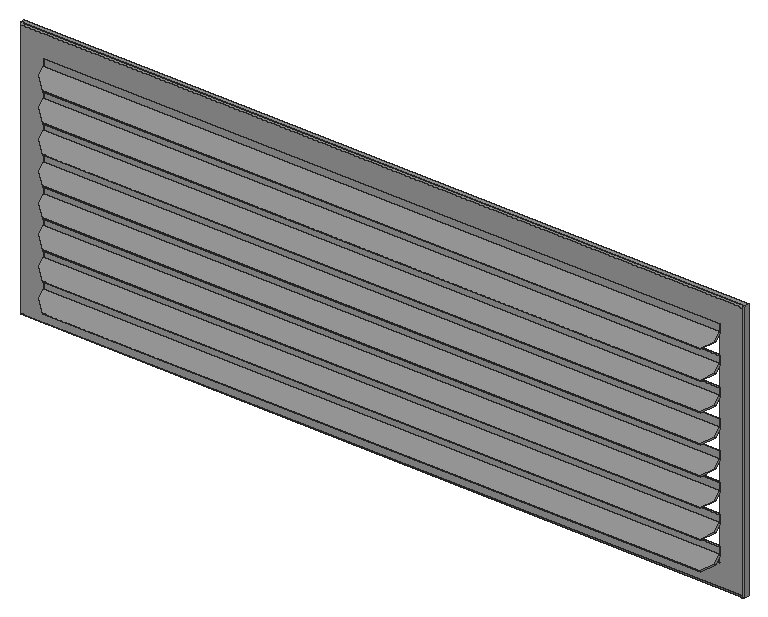
Revit family "РД1", category Соединительные детали воздуховодов, Revit 2021
Family settings
  Размер круглого соединителя = Использовать диаметр
  Тип детали = Отвод
  На основе рабочей плоскости = Нет
  Всегда вертикально = Да
  При загрузке вырезать с полостями = Нет
  Общий = Нет
Parameters (values of type "РД1 950х300")
  Ширина = D  # 27 mm
  Отметка по умолчанию = 0 mm
  Изготовитель = "Вентс"  # constant formula
  Длинна = A  # 1017 mm
  Высота = B  # 367 mm
  Вага = 3.51 kg
  t = 8 mm  # constant formula
  r = D1  # 2 mm
  n = B1 / S  # 8
  a2 = -A1 / 2  # -475 mm
  a1 = A1 / 2  # 475 mm
  URL = "https://vents.ua/ua/series/rd1-smoke-exhaust-grille#description"
  S = 40 mm  # constant formula
  Pressure_Static_Air [instance] = 0.0 m³/h
  Maximum Air Flow = 0.0 m³/h
  Maintenance zone material = none
  Load Classification = "HVAC"
  D2 = 6 mm  # constant formula
  D1 = 2 mm  # constant formula
  D = 27 mm  # constant formula
  Casing Material = Сталь, гальванизированная
  B2 = B - C  # 333.5 mm
  B1 = B - C * 2  # 300 mm
  C = 33.5 mm  # constant formula
  B = 367 mm
  Air Flow [instance] = 0.0 m³/h
  A2 = A - C  # 983.5 mm
  A1 = A - 2 * C  # 950 mm
  A = 1017 mm
  09_System_Name [instance] = ""
  00_20_Type = "РД1 950х300"
  00_20_Name = "Решітка димовидалення"
  00_20_Manufacturer = "Вентс"  # constant formula
Types (25, lengths in mm): name | Длинна | Высота | Вага | n | a2 | a1 | B2 | B1 | B | A2 | A1 | A | 00_20_Type
  РД1 300х300 | 367 | 367 | 1.29 kg | 8 | -150 | 150 | 333.5 | 300 | 367 | 333.5 | 300 | 367 | "РД1 300х300"
  РД1 350х300 | 417 | 367 | 1.46 kg | 8 | -175 | 175 | 333.5 | 300 | 367 | 383.5 | 350 | 417 | "РД1 350х300"
  РД1 400х300 | 467 | 367 | 1.63 kg | 8 | -200 | 200 | 333.5 | 300 | 367 | 433.5 | 400 | 467 | "РД1 400х300"
  РД1 450х300 | 517 | 367 | 1.80 kg | 8 | -225 | 225 | 333.5 | 300 | 367 | 483.5 | 450 | 517 | "РД1 450х300"
  РД1 500х300 | 567 | 367 | 1.97 kg | 8 | -250 | 250 | 333.5 | 300 | 367 | 533.5 | 500 | 567 | "РД1 500х300"
  РД1 550х300 | 617 | 367 | 2.14 kg | 8 | -275 | 275 | 333.5 | 300 | 367 | 583.5 | 550 | 617 | "РД1 550х300"
  РД1 600х300 | 667 | 367 | 2.32 kg | 8 | -300 | 300 | 333.5 | 300 | 367 | 633.5 | 600 | 667 | "РД1 600х300"
  РД1 650х300 | 717 | 367 | 2.49 kg | 8 | -325 | 325 | 333.5 | 300 | 367 | 683.5 | 650 | 717 | "РД1 650х300"
  РД1 700х300 | 767 | 367 | 2.66 kg | 8 | -350 | 350 | 333.5 | 300 | 367 | 733.5 | 700 | 767 | "РД1 700х300"
  РД1 750х300 | 817 | 367 | 2.83 kg | 8 | -375 | 375 | 333.5 | 300 | 367 | 783.5 | 750 | 817 | "РД1 750х300"
  РД1 800х300 | 867 | 367 | 3.00 kg | 8 | -400 | 400 | 333.5 | 300 | 367 | 833.5 | 800 | 867 | "РД1 800х300"
  РД1 850х300 | 917 | 367 | 3.17 kg | 8 | -425 | 425 | 333.5 | 300 | 367 | 883.5 | 850 | 917 | "РД1 850х300"
  РД1 900х300 | 967 | 367 | 3.34 kg | 8 | -450 | 450 | 333.5 | 300 | 367 | 933.5 | 900 | 967 | "РД1 900х300"
  РД1 950х300 | 1017 | 367 | 3.51 kg | 8 | -475 | 475 | 333.5 | 300 | 367 | 983.5 | 950 | 1017 | "РД1 950х300"
  РД1 1000х300 | 1067 | 367 | 3.68 kg | 8 | -500 | 500 | 333.5 | 300 | 367 | 1033.5 | 1000 | 1067 | "РД1 1000х300"
  РД1 1000х350 | 1067 | 417 | 4.17 kg | 9 | -500 | 500 | 383.5 | 350 | 417 | 1033.5 | 1000 | 1067 | "РД1 1000х350"
  РД1 1000х400 | 1067 | 467 | 4.65 kg | 10 | -500 | 500 | 433.5 | 400 | 467 | 1033.5 | 1000 | 1067 | "РД1 1000х400"
  РД1 1000х450 | 1067 | 517 | 5.12 kg | 11 | -500 | 500 | 483.5 | 450 | 517 | 1033.5 | 1000 | 1067 | "РД1 1000х450"
  РД1 1000х500 | 1067 | 567 | 5.60 kg | 13 | -500 | 500 | 533.5 | 500 | 567 | 1033.5 | 1000 | 1067 | "РД1 1000х500"
  РД1 1000х550 | 1067 | 617 | 5.09 kg | 14 | -500 | 500 | 583.5 | 550 | 617 | 1033.5 | 1000 | 1067 | "РД1 1000х550"
  РД1 600х600 | 667 | 667 | 4.14 kg | 15 | -300 | 300 | 633.5 | 600 | 667 | 633.5 | 600 | 667 | "РД1 600х600"
  РД1 700х700 | 767 | 767 | 5.44 kg | 18 | -350 | 350 | 733.5 | 700 | 767 | 733.5 | 700 | 767 | "РД1 700х700"
  РД1 800х800 | 867 | 867 | 6.93 kg | 20 | -400 | 400 | 833.5 | 800 | 867 | 833.5 | 800 | 867 | "РД1 800х800"
  РД1 900х900 | 967 | 967 | 8.60 kg | 23 | -450 | 450 | 933.5 | 900 | 967 | 933.5 | 900 | 967 | "РД1 900х900"
  РД1 1000х1000 | 1067 | 1067 | 10.45 kg | 25 | -500 | 500 | 1033.5 | 1000 | 1067 | 1033.5 | 1000 | 1067 | "РД1 1000х1000"
Reference planes
  plane 1 "По центру (Вперед/Назад)": y = 0
  plane 2: z = 0
  plane 3 "По центру (Влево/Вправо)": x = 0
  plane 4: x = 475
  plane 5: x = -475
  plane 6: z = 150
  plane 7: z = -150
  plane 8: z = 166.75
  plane 9: x = -491.75
  plane 10: x = 491.75
  plane 11: z = -166.75
Forms (mm)
  Extrusion 1, solid, material "Сталь, гальванизированная"
    sketch origin (-145.595, 0, 117.557) x (1, 0, 0) y (0, 0, 1)
      loop
        line (-329.405, -267.557) -> (620.595, -267.557) -> (620.595, 32.443) -> (-329.405, 32.443) -> (-329.405, -267.557)
      loop
        line (-362.905, -301.057) -> (654.095, -301.057) -> (654.095, 65.943) -> (-362.905, 65.943) -> (-362.905, -301.057)
    from 0 to 2 <- "D1"
  Sweep 2, void
    path in 3D
      loop
        line (-508.5, -2, 183.5) -> (-508.5, -2, -183.5) -> (508.5, -2, -183.5) -> (508.5, -2, 183.5) -> (-508.5, -2, 183.5)
    profile origin (0, -2, 183.5) x (0, -1, 0) y (0, 0, 1)
      loop
        line (0, 0) -> (-2, 0)
        arc (-2, 0) -> (-0.586, -0.586) -> (0, -2) r 2
        line (0, -2) -> (0, 0)
  Sweep 3, solid, material "Сталь, гальванизированная" <- "Casing Material"
    path in 3D
      loop
        line (508.5, 0, 183.5) -> (508.5, 0, -183.5) -> (-508.5, 0, -183.5) -> (-508.5, 0, 183.5) -> (508.5, 0, 183.5)
    profile origin (0, 0, 183.5) x (0, 0, -1) y (0, 1, 0)
      loop
        line (0, 0) -> (2, 0) -> (2, 6) -> (0, 6) -> (0, 0)
Cuts and joins
  Sweep 2 cuts Extrusion 1
Lines and regions (mm)
  sketch lines
    curve 1: line (508.5, -2, 183.5) -> (-508.5, -2, 183.5)
    curve 2: line (-508.5, -2, 183.5) -> (-508.5, -2, -183.5)
    curve 3: line (508.5, -2, -183.5) -> (508.5, -2, 183.5)
    curve 4: line (-508.5, -2, -183.5) -> (508.5, -2, -183.5)
    curve 5: line (-508.5, 0, 183.5) -> (508.5, 0, 183.5)
    curve 6: line (-508.5, 0, -183.5) -> (-508.5, 0, 183.5)
    curve 7: line (508.5, 0, 183.5) -> (508.5, 0, -183.5)
    curve 8: line (508.5, 0, -183.5) -> (-508.5, 0, -183.5)
Dimensions and locks
  "B": Extrusion 1 sketch curve to Extrusion 1 sketch curve
  "A": Extrusion 1 sketch curve to Extrusion 1 sketch curve
  equal spacing: Extrusion 1 sketch curve, plane 3 "По центру (Влево/Вправо)", Extrusion 1 sketch curve
  equal spacing: Extrusion 1 sketch curve, level, Extrusion 1 sketch curve
  equal spacing: plane 7, level, plane 6
  "B1": plane 7 to plane 6
  equal spacing: plane 4, plane 3 "По центру (Влево/Вправо)", plane 5
  "A1": plane 4 to plane 5
  equal spacing: plane 9, plane 3 "По центру (Влево/Вправо)", plane 10
  "A2": plane 9 to plane 10
  equal spacing: plane 11, level, plane 8
  "B2": plane 11 to plane 8
  "D2": Sweep 3 sketch curve to plane 1 "По центру (Вперед/Назад)"
  "D1": Sweep 3 sketch curve to Sweep 3 sketch curve
  equal spacing: group 1, group 2, group 3, group 4, group 5, group 6, group 7, group 8  (x2)
  equal spacing: group 8, group 7, group 6, group 5, group 4, group 3, group 2, group 1
  "S": plane 6 to nested 2
  Sweep 3 to nested 6 = 26.506 mm
  "r": radius of Sweep 2 sketch curve
  aligned and locked: level to plane 2
  aligned and locked: Extrusion 1 sketch curve to plane 4
  aligned and locked: plane 5 to Extrusion 1 sketch curve
  aligned and locked: Extrusion 1 sketch curve to plane 6
  aligned and locked: plane 7 to Extrusion 1 sketch curve
  aligned and locked: plane 3 "По центру (Влево/Вправо)" to nested 1
  aligned and locked: plane 1 "По центру (Вперед/Назад)" to nested 1
  aligned and locked: plane 6 to nested 1
Automatic sketch dimensions
  Sweep 2 sketch curve to profile plane = 0 mm  (x2)
  Sweep 3 sketch curve to profile plane = 0 mm  (x2)
Nested families
  nested 1: "Ламель" at (0, 0, 150), type "Ламель"
    with l 950 mm, b 27 mm
  nested 2: "Ламель" at (0, 0, 110), type "Ламель"
    with l 950 mm, b 27 mm
  nested 3: "Ламель" at (0, 0, 70), type "Ламель"
    with l 950 mm, b 27 mm
  nested 4: "Ламель" at (0, 0, 30), type "Ламель"
    with l 950 mm, b 27 mm
  nested 5: "Ламель" at (0, 0, -10), type "Ламель"
    with l 950 mm, b 27 mm
  nested 6: "Ламель" at (0, 0, -50), type "Ламель"
    with l 950 mm, b 27 mm
  nested 7: "Ламель" at (0, 0, -90), type "Ламель"
    with l 950 mm, b 27 mm
  nested 8: "Ламель" at (0, 0, -130), type "Ламель"
    with l 950 mm, b 27 mm
Definition of nested family "Ламель"
  Parameters (values of type "Семейство1")
    Угол = 45.00°
    Default Elevation = 0 mm
    l = 50 mm
    d = 2 mm
    b = 20 mm
  Reference planes
    plane 1 "По центру (Вперед/Назад)": y = 0
    plane 2: z = 0
    plane 3 "По центру (Влево/Вправо)": x = 0
    plane 4: z = -10
  Forms (mm)
    Extrusion 1, solid
      sketch origin (0, 0, 0) x (1, 0, 0) y (0, 0, 1)
        loop
          line (-25, -10) -> (25, -10) -> (25, 0) -> (-25, 0) -> (-25, -10)
      from 0 to 2 <- "d"
  Dimensions and locks
    equal spacing: Extrusion 1 sketch curve, plane 3 "По центру (Влево/Вправо)", Extrusion 1 sketch curve
    "l": Extrusion 1 sketch curve to Extrusion 1 sketch curve
    level to Extrusion 1 sketch curve = 10 mm
    locked: level to plane 4 at 10
    plane 1 "По центру (Вперед/Назад)" to nested 1 = 15.556 mm
    "Угол": angle plane 1 "По центру (Вперед/Назад)" to nested 1
    aligned and locked: level to plane 2
    aligned and locked: level to Extrusion 1 sketch curve
    aligned and locked: plane 4 to nested 1
    aligned and locked: plane 1 "По центру (Вперед/Назад)" to nested 1
    aligned and locked: plane 3 "По центру (Влево/Вправо)" to nested 1
  Nested families
    nested 1: "Поворотная ламель" at (0, 0, -10) x (1, 0, 0) z (0, 0.7071, 0.7071), type "Поворотная ламель"
  Definition of nested family "Поворотная ламель"
    Parameters (values of type "Семейство2")
      Default Elevation = 0 mm
      t = 2 mm
      l = 50 mm
      k = b / 2  # 10 mm
      b = 20 mm
    Reference planes
      plane 1 "По центру (Вперед/Назад)": y = 0
      plane 2: z = 0
      plane 3 "По центру (Влево/Вправо)": x = 0
    Forms (mm)
      Extrusion 1, solid
        sketch origin (1.683, -9.578, 0) x (1, 0, 0) y (0, 0, 1)
          loop
            line (-26.683, 0) -> (-26.683, -10) -> (-16.683, -20) -> (13.317, -20) -> (23.317, -10) -> (23.317, 0) -> (-26.683, 0)
        from -9.578 to -7.578
    Dimensions and locks
      "b": Extrusion 1 sketch curve to Extrusion 1 sketch curve
      "l": Extrusion 1 sketch curve to Extrusion 1 sketch curve
      equal spacing: Extrusion 1 sketch curve, plane 3 "По центру (Влево/Вправо)", Extrusion 1 sketch curve
      "k": Extrusion 1 sketch curve to Extrusion 1 sketch curve  (x4)
      "t": Extrusion 1 to plane 1 "По центру (Вперед/Назад)"
      aligned and locked: level to plane 2
      aligned and locked: Extrusion 1 to plane 1 "По центру (Вперед/Назад)"
      aligned and locked: Extrusion 1 sketch curve to level
